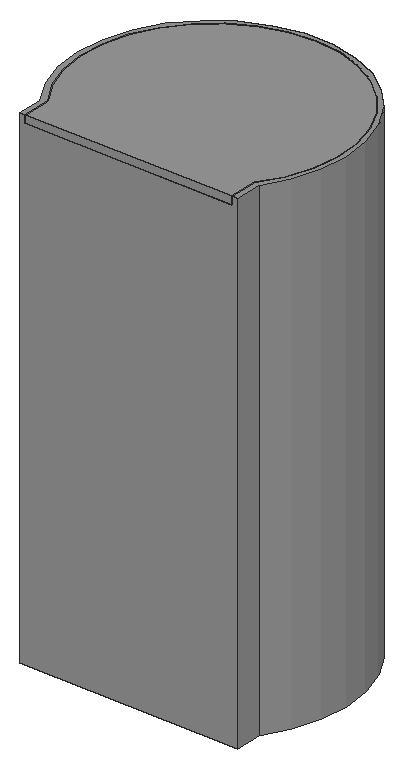
Revit family "3050 Björk Soap dispenser", category Furniture Systems, host Wall, Revit 2017
Family settings
  Host = Wall
  Round Connector Dimension = Use Diameter
  Part Type = Normal
  Always vertical = Yes
  Cut with Voids When Loaded = No
  Shared = No
  Room Calculation Point = No
Parameters (values of type "OSLO")
  URL = "http://www.dandryer.dk/da-dk/produkter/produktserie-%E2%80%93-bjork/3050-bjork-dispenser-flydende-saebe-desinfektion--hvid"
  Type Image = <None>
  Surface Top = OSLO
  Surface Front = WHITE
  Model = "Björk-3050"
  Manufacturer = "Dan Dryer"
  Description = "Touch-free soap dispenserTouch-free soap dispenser"
  Cost = 0
Types (6, lengths in mm): name | Surface Top | Description
  BIRK | BIRK | "Touch-free soap dispenser"
  GEO WHITE | GEO WHITE | "Touch-free soap dispenser"
  GRIGIO LONDRA | GRIGIO LONDRA | "Touch-free soap dispenser"
  NEGRO INGO | NEGRO INGO | "Touch-free soap dispenser"
  OSLO | OSLO | "Touch-free soap dispenserTouch-free soap dispenser"
  BIANCO MALE | BIANCO MALE | "Touch-free soap dispenser"
Reference planes
  plane 1 "Wall": y = 0
  plane 2 "Center (Left/Right)": x = 125
  plane 3 "Back": y = 75
Forms (mm)
  Extrusion 1, solid, material "WHITE", not visible
    sketch origin (0, 0, 0) x (1, 0, 0) y (0, 1, 0)
      loop
        arc (42.212, 95.366) -> (42.426, 94.946) -> (42.5, 94.481) r 1.5
        line (42.5, 94.481) -> (42.5, 75.3) -> (43.7, 75.3) -> (43.7, 94.481)
        arc (43.7, 94.481) -> (43.567, 95.318) -> (43.181, 96.073) r 2.7
        arc (43.181, 96.073) -> (125, 257.1) -> (206.819, 96.073) r 101.3
        arc (206.819, 96.073) -> (206.433, 95.318) -> (206.3, 94.481) r 2.7
        line (206.3, 94.481) -> (206.3, 75.3) -> (207.5, 75.3) -> (207.5, 94.481)
        arc (207.5, 94.481) -> (207.574, 94.946) -> (207.788, 95.366) r 1.5
        arc (207.788, 95.366) -> (125, 258.3) -> (42.212, 95.366) r 102.5
    from 900 to 1230
  Extrusion 2, void, not visible
    sketch origin (207.5, 94.481, 0) x (0, 1, 0) y (0, 0, -1)
      loop
        line (-19.181, -1225) -> (-19.181, -1230) -> (6.154, -1230)
        arc (6.154, -1230) -> (3.068, -1228.36) -> (2.105, -1225) r 4.47
        line (2.105, -1225) -> (-19.181, -1225)
    from -10.952 to 170.161
  Extrusion 3, void, not visible
    sketch origin (207.5, 94.481, 2130) x (0, 1, 0) y (0, 0, -1)
      loop
        line (-19.181, 1225) -> (2.105, 1225)
        arc (2.105, 1225) -> (3.068, 1228.36) -> (6.154, 1230) r 4.47
        line (6.154, 1230) -> (-19.181, 1230) -> (-19.181, 1225)
    from -6 to 179.451
  Extrusion 4, solid, not visible
    sketch origin (207.5, 75.3, 907) x (0, 1, 0) y (-1, 0, 0)
      loop
        line (0, 163.8) -> (0, 1.2) -> (19.181, 1.2)
        arc (19.181, 1.2) -> (20.018, 1.067) -> (20.773, 0.681) r 2.7
        arc (20.773, 0.681) -> (181.8, 82.5) -> (20.773, 164.319) r 101.3
        arc (20.773, 164.319) -> (20.018, 163.933) -> (19.181, 163.8) r 2.7
        line (19.181, 163.8) -> (0, 163.8)
    from 0 to -2
  Extrusion 5, void, not visible
    sketch origin (206.3, 75.3, 0) x (-1, 0, 0) y (0, 0, 1)
      loop
        arc (83.312, 976) -> (81.303, 978.014) -> (79.288, 976) r 2.012
        line (79.288, 976) -> (79.285, 930)
        arc (79.285, 930) -> (81.297, 927.986) -> (83.312, 930) r 2.012
        line (83.312, 930) -> (83.312, 976)
    from 174.915 to 189.234
  Extrusion 6, solid, not visible
    sketch origin (206.3, 75.3, 0) x (1, 0, 0) y (0, 0, 1)
      loop
        line (-83.312, 975.984) -> (-83.312, 930)
        arc (-83.312, 930) -> (-81.291, 928.118) -> (-79.287, 930.016) r 2.015
        line (-79.287, 930.016) -> (-79.288, 976)
        arc (-79.288, 976) -> (-81.309, 977.882) -> (-83.312, 975.984) r 2.015
    from -182.98 to -174.915
  Extrusion 7, solid, material "Mat Sort", not visible
    sketch origin (0, 0, 0) x (1, 0, 0) y (0, 1, 0)
      loop
        arc (42.212, 95.366) -> (42.426, 94.946) -> (42.5, 94.481) r 1.5
        line (42.5, 94.481) -> (42.5, 75.3) -> (43.7, 75.3) -> (43.7, 94.481)
        arc (43.7, 94.481) -> (43.567, 95.318) -> (43.181, 96.073) r 2.7
        arc (43.181, 96.073) -> (125, 257.1) -> (206.819, 96.073) r 101.3
        arc (206.819, 96.073) -> (206.433, 95.318) -> (206.3, 94.481) r 2.7
        line (206.3, 94.481) -> (206.3, 75.3) -> (207.5, 75.3) -> (207.5, 94.481)
        arc (207.5, 94.481) -> (207.574, 94.946) -> (207.788, 95.366) r 1.5
        arc (207.788, 95.366) -> (125, 258.3) -> (42.212, 95.366) r 102.5
    from 900 to 1230
Text (mm)
  text "Placement Side" at (-1848.837, 1116.779, 0), in view "Ref. Level"
  text "Placement side" at (0, 1409.804, 2854.306), in view "Left"
  text "Placement side" at (0, 499.811, 2980.732), in view "Right"
Dimensions and locks
  locked: plane 3 "Back" to host wall
  aligned and locked: plane 1 "Wall" to host wall
  aligned and locked: plane 3 "Back" to nested 1  (x2)
Nested families
  nested 1: "Master Soap dispenser" at (125, 75, 1100), type "Master Soap dispenser"
Definition of nested family "Master Soap dispenser"
  Parameters (values of type "Master Soap dispenser")
    Surface Top = none
    Surface Front = none
  Reference planes
    plane 1 "Center (Front/Back)": y = 0
    plane 2: z = 0
    plane 3 "Center (Left/Right)": x = 0
  Forms (mm)
    Extrusion 1, solid, material <- "Surface Front"
      sketch origin (0, 0, 0) x (1, 0, 0) y (0, 1, 0)
        loop
          line (-72.636, 16.842) -> (-72.636, 0) -> (73.262, 0) -> (73.262, 17.709)
          arc (73.262, 17.709) -> (-0.534, 159.71) -> (-72.636, 16.842) r 89.899
      from 0 to 330
    Extrusion 2, solid, material <- "Surface Top"
      sketch origin (0, 0, 330) x (1, 0, 0) y (0, 1, 0)
        loop
          arc (69.262, 19.017) -> (0, 156.8) -> (-69.261, 19.017) r 86.3
          line (-69.261, 19.017) -> (-69.261, 0) -> (69.262, 0) -> (69.262, 19.017)
      from 0 to -5
    Extrusion 3, void
      sketch origin (0, 0, 0) x (1, 0, 0) y (0, 1, 0)
        loop
          line (-69.261, 0) -> (69.262, 0) -> (69.262, 19.017)
          arc (69.262, 19.017) -> (0, 156.8) -> (-69.261, 19.017) r 86.3
          line (-69.261, 19.017) -> (-69.261, 0)
      from 325 to 330
  Cuts and joins
    Extrusion 3 cuts Extrusion 1
  Dimensions and locks
    aligned and locked: level to plane 2
